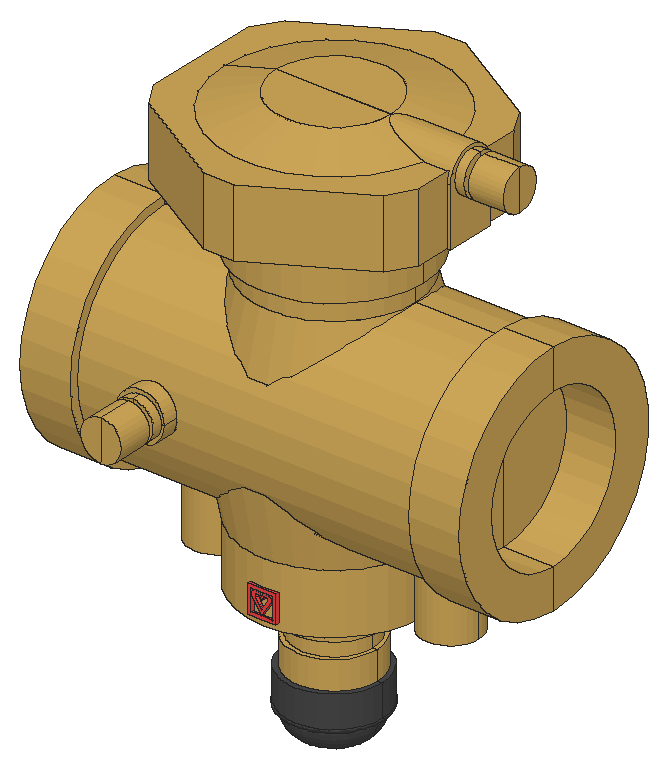
Revit family "Pressure independent control valve 4206_R", category Rohrzubehör, Revit 2018
Family settings
  Bemaßung runder Anschluss = Durchmesser verwenden
  Teiletyp = Unterbricht
  OmniClass-Nummer = 23.65.55.14
  OmniClass-Titel = Valves for Liquid Services
  Arbeitsebenenbasiert = Nein
  Immer vertikal = Ja
  Beim Laden mit Abzugskörper schneiden = Nein
  Gemeinsam genutzt = Nein
Parameters
  min. Operating temperature (antifreeze) = -20 °C  # constant formula
  max. Operating temperature till DN32 = 130 °C  # constant formula
  max. Operating temperature from DN40 = 110 °C  # constant formula
  max. Operating pressure = 2500000.0 Pa  # constant formula
  URL = "www.herzvalves.com"
  Pin = "stainless steel 14301"  # constant formula
  SCRNSEQ = "ARM;ARM_TYP=\"DURR\";2"
  SCRNCODE = "05;04;02"  # constant formula
  S03 [instance] = H08 + (S02 / 2)  # 72.750 mm
  S02 [instance] = H09 + 4.700 mm  # 26.500 mm
  S01 [instance] = G01 * 2  # 75.200 mm
  R12 = 3.900 mm  # constant formula
  R11 = 6.500 mm  # constant formula
  R10 = 35.000 mm  # constant formula
  R09 = 18.250 mm  # constant formula
  R08 = 11.300 mm  # constant formula
  R07 [instance] = size_lookup("4206R_", "R7", 17.300 mm, Nennweite)  # 28.500 mm
  R06 [instance] = size_lookup("4206R_", "R6", 19.000 mm, Nennweite)  # 28.000 mm
  R05 = 15.000 mm  # constant formula
  R04 = 12.500 mm  # constant formula
  R02 [instance] = size_lookup("4206R_", "R2", 15.000 mm, Nennweite)  # 26.000 mm
  R01 [instance] = size_lookup("4206R_", "R1", 11.500 mm, Nennweite)  # 35.000 mm
  PN = 25  # constant formula
  O-Rings = "EPDM"  # constant formula
  Nennweite [instance] = 50.000 mm
  min. Operating temperature (pure water) = 2 °C  # constant formula
  Membrane housing = "brass CW602N"  # constant formula
  Membrane = "EPDM"  # constant formula
  Medium = "water purity in accordance with the OENorm H5195 and VDI2035 standards.\r\nehtylene and propylene glycol can be mixed to a ratio of 25 – 50 vol. [%]"
  L06 [instance] = L00 / 2  # 70.000 mm
  L05 = 11.000 mm  # constant formula
  L04 = 1.500 mm  # constant formula
  L03 = 3.200 mm  # constant formula
  L02 = 43.500 mm  # constant formula
  L01 [instance] = size_lookup("4206R_", "L1", 8.000 mm, Nennweite)  # 16.000 mm
  L00 [instance] = size_lookup("4206R_", "L", 66.000 mm, Nennweite)  # 140.000 mm
  Capillary pipe = "copper Cu-DHP (CW024A)"  # constant formula
  Stroke = 4.000 mm  # constant formula
  Hersteller = "Herz-Armaturen GmbH"  # constant formula
  H13 [instance] = H02 - H05 - H03 - H04 - 2.000 mm  # 52.200 mm
  H12 = 19.250 mm  # constant formula
  H11 [instance] = size_lookup("4206R_", "H11", 59.000 mm, Nennweite)  # 86.000 mm
  H10 [instance] = H08 + H09  # 81.300 mm
  H09 = 21.800 mm  # constant formula
  H08 [instance] = H01 + H06 + H07  # 59.500 mm
  H07 = 4.000 mm  # constant formula
  H06 [instance] = size_lookup("4206R_", "H6", 10.000 mm, Nennweite)  # 14.000 mm
  H05 = 9.000 mm  # constant formula
  H04 [instance] = size_lookup("4206R_", "H4", 9.600 mm, Nennweite)  # 8.500 mm
  H03 [instance] = size_lookup("4206R_", "H3", 13.000 mm, Nennweite)  # 5.700 mm
  H02 [instance] = size_lookup("4206R_", "H2", 55.300 mm, Nennweite)  # 77.400 mm
  H01 [instance] = size_lookup("4206R_", "H1", 18.500 mm, Nennweite)  # 41.500 mm
  Housing = "DZR brass CC770S"  # constant formula
  G03 [instance] = Nennweite / 2  # 25.000 mm
  G02 [instance] = size_lookup("4206R_", "G2", 13.900 mm, Nennweite)  # 13.900 mm
  G01 [instance] = size_lookup("4206R_", "G1", 13.200 mm, Nennweite)  # 37.600 mm
  Spring = "spring steel"  # constant formula
  DN50 [instance] = Nennweite = 50.000 mm  # yes
  DN40 [instance] = Nennweite = 40.000 mm  # no
  DN32 [instance] = Nennweite = 32.000 mm  # no
  DN25 [instance] = Nennweite = 25.000 mm  # no
  DN20 [instance] = Nennweite = 20.000 mm  # no
  DN15 [instance] = Nennweite = 15.000 mm  # no
  Bestellnummer [instance] = size_lookup("4206R_", "Artnr", 0, Nennweite)  # 1420646
  Protective cap = "plastic"  # constant formula
  Application = "the Pressure Independent Balancing Control Valve (PIBCV) is used in all heating and cooling systems with circulation pumps.\r\nthe valve automatically maintains flow to the required part of the system at the set rate by measuring and immediately adjusting to any variation in pressure.\r\nno additional measurements are necessary and the correct flow rate is achieved at all operating conditions.\r\nthe diaphragm responds to the pressure upstream and downstream of the regulating valve (via an internal impulse line).\r\nthe valve settings directly affect the volumetric flow through the valve.\r\nit is thus possible to set the maximum flow rate based on the flow chart when the valve is fitted.\r\nthis allows for the balancing of heating circuits, cooling water systems, ceiling cooling and heating panels, air heaters, etc. without any need to first assess the pressure variations in the system.\r\nthe valve‘s principal application is as a control valve for terminal units."
Reference planes
  plane 1 "Mitte (Vorne/hinten)": y = 0
  plane 2: z = 0
  plane 3 "Mitte (Links/rechts)": x = 0
Forms (mm)
  Revolve 1, solid, material "Messing, weicher Gelbton, geschweißt", detail levels fine
    sketch origin (0, 0, 0) x (1, 0, 0) y (0, 0, 1)
      loop
        line (-54, 0) -> (54, 0) -> (54, 25) -> (70, 25) -> (70, 37.6) -> (54, 37.6) -> (54, 35) -> (-54, 35) -> (-54, 37.6) -> (-70, 37.6) -> (-70, 25) -> (-54, 25) -> (-54, 0)
      axis (-70, 0) -> (70, 0)
    angle from 0 to 360
  Revolve 2, solid, material "Messing, weicher Gelbton, geschweißt", detail levels fine
    sketch origin (0, 0, 0) x (1, 0, 0) y (0, 0, 1)
      loop
        line (0, -77.4) -> (0, 41.5) -> (-26, 41.5) -> (-26, 35) -> (-35, 0) -> (-28, -35) -> (-28, -54.2) -> (-15, -54.2) -> (-15, -62.7) -> (-12.5, -62.7) -> (-12.5, -68.4) -> (-13.9, -68.4) -> (-13.9, -77.4) -> (0, -77.4)
      axis (0, 41.5) -> (0, -77.4)
    angle from 0 to 360
  Revolve 3, solid, material "Messing, weicher Gelbton, geschweißt", detail levels fine
    sketch origin (0, 0, 0) x (1, 0, 0) y (0, 0, 1)
      loop
        line (0, 41.5) -> (0, 59.5) -> (-11.3, 59.5) -> (-11.3, 55.5) -> (-28.5, 55.5) -> (-28.5, 41.5) -> (0, 41.5)
      axis (0, 59.5) -> (0, 41.5)
    angle from 0 to 360
  Extrusion 4, solid, material "Messing, weicher Gelbton, geschweißt", detail levels fine
    sketch origin (0, 0, 0) x (0, -1, 0) y (1, 0, 0)
      loop
        line (-46, -4.75) -> (-27.114, -37.462) -> (-18.886, -42.212) -> (18.886, -42.212) -> (27.114, -37.462) -> (46, -4.75) -> (46, 4.75) -> (27.114, 37.462) -> (18.886, 42.212) -> (-18.886, 42.212) -> (-27.114, 37.462) -> (-46, 4.75) -> (-46, -4.75)
    from 59.5 to 81.3
  Revolve 5, solid, material "Messing, weicher Gelbton, geschweißt", detail levels fine
    sketch origin (0, 0, 0) x (1, 0, 0) y (0, 0, 1)
      loop
        line (0, 81.3) -> (0, 86) -> (-18.25, 86) -> (-35, 81.3) -> (0, 81.3)
      axis (0, 86) -> (0, 81.3)
    angle from 0 to 360
  Extrusion 6, solid, material "Messing, weicher Gelbton, geschweißt", detail levels fine
    sketch origin (0, 0, 0) x (0, 1, 0) y (0, 0, 1)
      loop
        arc (7.85, 78.15) -> (0, 86) -> (-7.85, 78.15) r 7.85
        line (-7.85, 78.15) -> (-7.85, 59.5) -> (7.85, 59.5) -> (7.85, 78.15)
    from 0 to 43.5
  Revolve 7, solid, material "Messing, weicher Gelbton, geschweißt", detail levels fine
    sketch origin (0, 0, 0) x (1, 0, 0) y (0, 0, 1)
      loop
        line (43.5, 78.75) -> (59.2, 78.75) -> (59.2, 85.25) -> (48.2, 85.25) -> (48.2, 82.65) -> (46.7, 82.65) -> (46.7, 85.25) -> (43.5, 85.25) -> (43.5, 78.75)
      axis (43.5, 78.75) -> (59.2, 78.75)
    angle from 0 to 360
  Revolve 8, solid, material "Messing, weicher Gelbton, geschweißt", visible <- "DN15", detail levels fine
    sketch origin (0, 0, 0) x (1, 0, 0) y (0, 1, 0)
      loop
        line (-12.5, 24) -> (-20.2, 24) -> (-20.2, 0) -> (-21.5, 0) -> (-21.5, -27) -> (-12.5, -27) -> (-12.5, 24)
      axis (-12.5, 24) -> (-12.5, -27)
    angle from 0 to 360
  Revolve 9, solid, material "Messing, weicher Gelbton, geschweißt", visible <- "DN15", detail levels fine
    sketch origin (-12.5, 0, 0) x (0, 1, 0) y (0, 0, 1)
      loop
        line (24, 0) -> (39.7, 0) -> (39.7, 6.5) -> (28.7, 6.5) -> (28.7, 3.9) -> (27.2, 3.9) -> (27.2, 6.5) -> (24, 6.5) -> (24, 0)
      axis (24, 0) -> (39.7, 0)
    angle from 0 to 360
  Revolve 10, solid, material "Messing, weicher Gelbton, geschweißt", visible <- "DN15", detail levels fine
    sketch origin (0, 0, 0) x (1, 0, 0) y (0, 1, 0)
      loop
        line (12.5, 0) -> (12.5, -27) -> (21.6, -27) -> (21.6, 0) -> (12.5, 0)
      axis (12.5, 0) -> (12.5, -27)
    angle from 0 to 360
  Revolve 11, solid, material "Messing, weicher Gelbton, geschweißt", visible <- "DN20", detail levels fine
    sketch origin (-2, 0, 0) x (1, 0, 0) y (0, 1, 0)
      loop
        line (-12.5, 27) -> (-20.2, 27) -> (-20.2, 0) -> (-21.5, 0) -> (-21.5, -29) -> (-12.5, -29) -> (-12.5, 27)
      axis (-12.5, 27) -> (-12.5, -29)
    angle from 0 to 360
  Revolve 12, solid, material "Messing, weicher Gelbton, geschweißt", visible <- "DN20", detail levels fine
    sketch origin (2, 0, 0) x (1, 0, 0) y (0, 1, 0)
      loop
        line (12.5, 0) -> (12.5, -29) -> (21.6, -29) -> (21.6, 0) -> (12.5, 0)
      axis (12.5, 0) -> (12.5, -29)
    angle from 0 to 360
  Revolve 13, solid, material "Messing, weicher Gelbton, geschweißt", visible <- "DN20", detail levels fine
    sketch origin (-14.5, 3, 0) x (0, 1, 0) y (0, 0, 1)
      loop
        line (24, 0) -> (39.7, 0) -> (39.7, 6.5) -> (28.7, 6.5) -> (28.7, 3.9) -> (27.2, 3.9) -> (27.2, 6.5) -> (24, 6.5) -> (24, 0)
      axis (24, 0) -> (39.7, 0)
    angle from 0 to 360
  Revolve 14, solid, material "Messing, weicher Gelbton, geschweißt", visible <- "DN25", detail levels fine
    sketch origin (-2.1, 0, 0) x (1, 0, 0) y (0, 1, 0)
      loop
        line (-12.5, 27) -> (-20.2, 27) -> (-20.2, 0) -> (-21.5, 0) -> (-21.5, -29) -> (-12.5, -29) -> (-12.5, 27)
      axis (-12.5, 27) -> (-12.5, -29)
    angle from 0 to 360
  Revolve 15, solid, material "Messing, weicher Gelbton, geschweißt", visible <- "DN25", detail levels fine
    sketch origin (-14.6, 3, 0) x (0, 1, 0) y (0, 0, 1)
      loop
        line (24, 0) -> (39.7, 0) -> (39.7, 6.5) -> (28.7, 6.5) -> (28.7, 3.9) -> (27.2, 3.9) -> (27.2, 6.5) -> (24, 6.5) -> (24, 0)
      axis (24, 0) -> (39.7, 0)
    angle from 0 to 360
  Revolve 16, solid, material "Messing, weicher Gelbton, geschweißt", visible <- "DN25", detail levels fine
    sketch origin (2.1, 0, 0) x (1, 0, 0) y (0, 1, 0)
      loop
        line (12.5, 0) -> (12.5, -29) -> (21.6, -29) -> (21.6, 0) -> (12.5, 0)
      axis (12.5, 0) -> (12.5, -29)
    angle from 0 to 360
  Revolve 17, solid, material "Messing, weicher Gelbton, geschweißt", visible <- "DN32", detail levels fine
    sketch origin (0, 0, 0.637) x (1, 0, 0) y (0, 0, 1)
      loop
        line (-31.5, -0.637) -> (-40.5, -0.637) -> (-40.5, -43.437) -> (-31.5, -43.437) -> (-31.5, -0.637)
      axis (-31.5, -43.437) -> (-31.5, -0.637)
    angle from 0 to 360
  Revolve 18, solid, material "Messing, weicher Gelbton, geschweißt", visible <- "DN32", detail levels fine
    sketch origin (0, 0, 0.637) x (-1, 0, 0) y (0, 0, 1)
      loop
        line (-31.5, -0.637) -> (-40.5, -0.637) -> (-40.5, -43.437) -> (-31.5, -43.437) -> (-31.5, -0.637)
      axis (-31.5, -43.437) -> (-31.5, -0.637)
    angle from 0 to 360
  Revolve 19, solid, material "Messing, weicher Gelbton, geschweißt", visible <- "DN40", detail levels fine
    sketch origin (0, 0, 0) x (1, 0, 0) y (0, 0, 1)
      loop
        line (-37, 0) -> (-46, 0) -> (-46, -54.2) -> (-37, -54.2) -> (-37, 0)
      axis (-37, 0) -> (-37, -54.2)
    angle from 0 to 360
  Revolve 20, solid, material "Messing, weicher Gelbton, geschweißt", visible <- "DN40", detail levels fine
    sketch origin (0, 0, 0) x (-1, 0, 0) y (0, 0, 1)
      loop
        line (-37, 0) -> (-46, 0) -> (-46, -54.2) -> (-37, -54.2) -> (-37, 0)
      axis (-37, 0) -> (-37, -54.2)
    angle from 0 to 360
  Revolve 21, solid, material "Messing, weicher Gelbton, geschweißt", visible <- "DN50", detail levels fine
    sketch origin (-0.1, 0, 0) x (1, 0, 0) y (0, 0, 1)
      loop
        line (-37, 0) -> (-46, 0) -> (-46, -54.2) -> (-37, -54.2) -> (-37, 0)
      axis (-37, 0) -> (-37, -54.2)
    angle from 0 to 360
  Revolve 22, solid, material "Messing, weicher Gelbton, geschweißt", visible <- "DN50", detail levels fine
    sketch origin (0.1, 0, 0) x (-1, 0, 0) y (0, 0, 1)
      loop
        line (-37, 0) -> (-46, 0) -> (-46, -54.2) -> (-37, -54.2) -> (-37, 0)
      axis (-37, 0) -> (-37, -54.2)
    angle from 0 to 360
  Revolve 23, solid, material "Messing, weicher Gelbton, geschweißt", visible <- "DN32", detail levels fine
    sketch origin (-9.5, 0, 0) x (1, 0, 0) y (0, 1, 0)
      loop
        line (-12.5, -31) -> (-12.5, 0) -> (-20.2, 0) -> (-20.2, -31) -> (-12.5, -31)
      axis (-12.5, 0) -> (-12.5, -31)
    angle from 0 to 360
  Revolve 24, solid, material "Messing, weicher Gelbton, geschweißt", visible <- "DN32", detail levels fine
    sketch origin (-22, -7, 0) x (0, -1, 0) y (0, 0, -1)
      loop
        line (24, 0) -> (24, -6.5) -> (27.2, -6.5) -> (27.2, -3.9) -> (28.7, -3.9) -> (28.7, -6.5) -> (39.7, -6.5) -> (39.7, 0) -> (24, 0)
      axis (24, 0) -> (39.7, 0)
    angle from 0 to 360
  Revolve 25, solid, material "Messing, weicher Gelbton, geschweißt", visible <- "DN40", detail levels fine
    sketch origin (-17.5, 0, 0) x (1, 0, 0) y (0, 1, 0)
      loop
        line (-12.5, -39.5) -> (-12.5, 0) -> (-20.2, 0) -> (-20.2, -39.5) -> (-12.5, -39.5)
      axis (-12.5, 0) -> (-12.5, -39.5)
    angle from 0 to 360
  Revolve 26, solid, material "Messing, weicher Gelbton, geschweißt", visible <- "DN40", detail levels fine
    sketch origin (-30, -15.5, 0) x (0, -1, 0) y (0, 0, -1)
      loop
        line (24, 0) -> (24, -6.5) -> (27.2, -6.5) -> (27.2, -3.9) -> (28.7, -3.9) -> (28.7, -6.5) -> (39.7, -6.5) -> (39.7, 0) -> (24, 0)
      axis (24, 0) -> (39.7, 0)
    angle from 0 to 360
  Revolve 27, solid, material "Messing, weicher Gelbton, geschweißt", visible <- "DN50", detail levels fine
    sketch origin (-17.6, 0, 0) x (1, 0, 0) y (0, 1, 0)
      loop
        line (-12.5, -39.5) -> (-12.5, 0) -> (-20.2, 0) -> (-20.2, -39.5) -> (-12.5, -39.5)
      axis (-12.5, 0) -> (-12.5, -39.5)
    angle from 0 to 360
  Revolve 28, solid, material "Messing, weicher Gelbton, geschweißt", visible <- "DN50", detail levels fine
    sketch origin (-30.1, -15.5, 0) x (0, -1, 0) y (0, 0, -1)
      loop
        line (24, 0) -> (24, -6.5) -> (27.2, -6.5) -> (27.2, -3.9) -> (28.7, -3.9) -> (28.7, -6.5) -> (39.7, -6.5) -> (39.7, 0) -> (24, 0)
      axis (24, 0) -> (39.7, 0)
    angle from 0 to 360
Lines and regions (mm)
  model lines, detail levels coarse+medium
    curve 1: line (-70, 0, 37.6) -> (-70, 0, -37.6)
    curve 2: line (-70, 0, -37.6) -> (70, 0, 37.6)
    curve 3: line (70, 0, 37.6) -> (70, 0, -37.6)
    curve 4: line (70, 0, -37.6) -> (-70, 0, 37.6)
    curve 5: line (0, 0, 41.5) -> (0, 0, 59.5)
    curve 6: spline (-43.5, 0, 72.75) -> (-42.018, 0, 76.179) -> (-37.672, 0, 79.375) -> (-30.759, 0, 82.119) -> (-21.75, 0, 84.225) -> (-11.259, 0, 85.549) -> (0, 0, 86) -> (11.259, 0, 85.549) -> (21.75, 0, 84.225) -> (30.759, 0, 82.119) -> (37.672, 0, 79.375) -> (42.018, 0, 76.179) -> (43.5, 0, 72.75) -> (42.018, 0, 69.321) -> (37.672, 0, 66.125) -> (30.759, 0, 63.381) -> (21.75, 0, 61.275) -> (11.259, 0, 59.951) -> (0, 0, 59.5) -> (-11.259, 0, 59.951) -> (-21.75, 0, 61.275) -> (-30.759, 0, 63.381) -> (-37.672, 0, 66.125) -> (-42.018, 0, 69.321) -> (-43.5, 0, 72.75)
    curve 7: line (-70, 37.6, 0) -> (-70, -37.6, 0)
    curve 8: line (-70, -37.6, 0) -> (70, 37.6, 0)
    curve 9: line (70, 37.6, 0) -> (70, -37.6, 0)
    curve 10: line (70, -37.6, 0) -> (-70, 37.6, 0)
    curve 11: line (0, -41.5, 0) -> (0, -59.5, 0)
    curve 12: spline (-43.5, -72.75, 0) -> (-42.018, -69.321, 0) -> (-37.672, -66.125, 0) -> (-30.759, -63.381, 0) -> (-21.75, -61.275, 0) -> (-11.259, -59.951, 0) -> (0, -59.5, 0) -> (11.259, -59.951, 0) -> (21.75, -61.275, 0) -> (30.759, -63.381, 0) -> (37.672, -66.125, 0) -> (42.018, -69.321, 0) -> (43.5, -72.75, 0) -> (42.018, -76.179, 0) -> (37.672, -79.375, 0) -> (30.759, -82.119, 0) -> (21.75, -84.225, 0) -> (11.259, -85.549, 0) -> (0, -86, 0) -> (-11.259, -85.549, 0) -> (-21.75, -84.225, 0) -> (-30.759, -82.119, 0) -> (-37.672, -79.375, 0) -> (-42.018, -76.179, 0) -> (-43.5, -72.75, 0)
    curve 13: line (0, 0, 41.5) -> (-35, 0, 18.8)
    curve 14: line (0, 0, 41.5) -> (35, 0, 18.8)
    curve 15: line (0, -41.5, 0) -> (-35, -18.8, 0)
    curve 16: line (0, -41.5, 0) -> (35, -18.8, 0)
Dimensions and locks
  equal spacing: Revolve 1 sketch curve, plane 3 "Mitte (Links/rechts)", Revolve 1 sketch curve
  "L00": Revolve 1 sketch curve to Revolve 1 sketch curve
  "G01": Revolve 1 sketch curve to Revolve 1 sketch curve  (x2)
  "R01": Revolve 1 sketch curve to Revolve 1 sketch curve
  "L01": Revolve 1 sketch curve to Revolve 1 sketch curve  (x4)
  "H01": Revolve 2 sketch curve to plane 2
  "R01": Revolve 2 sketch curve to plane 2
  "R02": Revolve 2 sketch curve to Revolve 2 sketch curve
  "R01": Revolve 2 sketch curve to Revolve 2 sketch curve
  "H02": plane 2 to Revolve 2 sketch curve
  "G02": plane 3 "Mitte (Links/rechts)" to Revolve 2 sketch curve
  "H05": Revolve 2 sketch curve to Revolve 2 sketch curve
  "R04": Revolve 2 sketch curve to Revolve 2 sketch curve
  "R05": Revolve 2 sketch curve to Revolve 2 sketch curve
  "R06": Revolve 2 sketch curve to Revolve 2 sketch curve
  "R01": plane 2 to Revolve 2 sketch curve
  "H03": Revolve 2 sketch curve to Revolve 2 sketch curve
  "H04": Revolve 2 sketch curve to Revolve 2 sketch curve
  "H01": Revolve 3 sketch curve to plane 2
  "H06": Revolve 3 sketch curve to Revolve 3 sketch curve
  "R07": Revolve 3 sketch curve to Revolve 3 sketch curve
  "H07": Revolve 3 sketch curve to Revolve 3 sketch curve
  "R08": Revolve 3 sketch curve to Revolve 3 sketch curve
  "H08": Extrusion 4 to plane 2
  "H09": Extrusion 4 to Extrusion 4
  "H10": Revolve 5 sketch curve to plane 2
  "H11": Revolve 5 sketch curve to plane 2
  "R09": Revolve 5 sketch curve to Revolve 5 sketch curve
  "R10": Revolve 5 sketch curve to Revolve 5 sketch curve
  "L02": Extrusion 6 to plane 3 "Mitte (Links/rechts)"
  "H08": Extrusion 6 to plane 2
  "H12": Revolve 7 sketch curve to Extrusion 4
  "R11": Revolve 7 sketch curve to Revolve 7 sketch curve  (x2)
  "L03": Revolve 7 sketch curve to Revolve 7 sketch curve
  "L04": Revolve 7 sketch curve to Revolve 7 sketch curve
  "L05": Revolve 7 sketch curve to Revolve 7 sketch curve
  "R12": Revolve 7 sketch curve to Revolve 7 sketch curve
  "R11": Revolve 9 sketch curve to Revolve 9 sketch curve  (x2)
  "L03": Revolve 9 sketch curve to Revolve 9 sketch curve
  "L04": Revolve 9 sketch curve to Revolve 9 sketch curve
  "L05": Revolve 9 sketch curve to Revolve 9 sketch curve
  "R12": Revolve 9 sketch curve to Revolve 9 sketch curve
  "R06": plane 1 "Mitte (Vorne/hinten)" to nested 1
  Revolve 11 sketch curve to plane 1 "Mitte (Vorne/hinten)" = 29.000 mm
  plane 1 "Mitte (Vorne/hinten)" to Revolve 11 sketch curve = 27.000 mm
  Revolve 12 sketch curve to plane 1 "Mitte (Vorne/hinten)" = 29.000 mm
  "R11": Revolve 13 sketch curve to Revolve 13 sketch curve  (x2)
  "L03": Revolve 13 sketch curve to Revolve 13 sketch curve
  "L04": Revolve 13 sketch curve to Revolve 13 sketch curve
  "L05": Revolve 13 sketch curve to Revolve 13 sketch curve
  "R12": Revolve 13 sketch curve to Revolve 13 sketch curve
  "H13": plane 2 to nested 1
  "R11": Revolve 15 sketch curve to Revolve 15 sketch curve  (x2)
  "L03": Revolve 15 sketch curve to Revolve 15 sketch curve
  "L04": Revolve 15 sketch curve to Revolve 15 sketch curve
  "L05": Revolve 15 sketch curve to Revolve 15 sketch curve
  "R12": Revolve 15 sketch curve to Revolve 15 sketch curve
  plane 3 "Mitte (Links/rechts)" to Revolve 17 sketch curve = 31.500 mm
  Revolve 17 sketch curve to Revolve 17 sketch curve = 9.000 mm
  plane 2 to Revolve 17 sketch curve = 42.800 mm
  Revolve 18 sketch curve to Revolve 18 sketch curve = 9.000 mm
  "H02": plane 2 to nested 2
  "G03": Revolve 1 sketch curve to plane 2  (x2)
  "S01": curve 4 to curve 2
  equal spacing: curve 4, plane 2, curve 2
  equal spacing: curve 3, plane 2, curve 4
  "S01": curve 3 to curve 4
  equal spacing: curve 1, plane 3 "Mitte (Links/rechts)", curve 3
  "L00": curve 1 to curve 3
  "H08": curve 5 to plane 2
  "S02": curve 6 to curve 6
  "L02": curve 6 to plane 3 "Mitte (Links/rechts)" to curve 6
  "S03": curve 6 to plane 2
  equal spacing: curve 7, plane 3 "Mitte (Links/rechts)", curve 9
  "L00": curve 7 to curve 9
  equal spacing: curve 8, plane 1 "Mitte (Vorne/hinten)", curve 10
  "S01": curve 10 to curve 8
  equal spacing: curve 10, plane 1 "Mitte (Vorne/hinten)", curve 9
  "S01": curve 9 to curve 10
  "H08": curve 11 to plane 1 "Mitte (Vorne/hinten)"
  "S02": curve 12 to curve 12
  "L02": curve 12 to plane 3 "Mitte (Links/rechts)" to curve 12
  "S03": curve 12 to plane 1 "Mitte (Vorne/hinten)"
  equal spacing: plane 3 "Mitte (Links/rechts)", curve 13, curve 4
  equal spacing: curve 3, curve 14, plane 3 "Mitte (Links/rechts)"
  "H01": curve 14 to plane 2
  equal spacing: plane 3 "Mitte (Links/rechts)", curve 15, curve 8
  equal spacing: curve 10, curve 16, plane 3 "Mitte (Links/rechts)"
  "H01": curve 16 to plane 1 "Mitte (Vorne/hinten)"
  "R11": Revolve 24 sketch curve to Revolve 24 sketch curve  (x2)
  "L03": Revolve 24 sketch curve to Revolve 24 sketch curve
  "L04": Revolve 24 sketch curve to Revolve 24 sketch curve
  "L05": Revolve 24 sketch curve to Revolve 24 sketch curve
  "R12": Revolve 24 sketch curve to Revolve 24 sketch curve
  Revolve 23 sketch curve to Revolve 23 sketch curve = 31.000 mm
  "R11": Revolve 26 sketch curve to Revolve 26 sketch curve  (x2)
  "L03": Revolve 26 sketch curve to Revolve 26 sketch curve
  "L04": Revolve 26 sketch curve to Revolve 26 sketch curve
  "L05": Revolve 26 sketch curve to Revolve 26 sketch curve
  "R12": Revolve 26 sketch curve to Revolve 26 sketch curve
  Revolve 25 sketch curve to Revolve 25 sketch curve = 39.500 mm
  "R11": Revolve 28 sketch curve to Revolve 28 sketch curve  (x2)
  "L03": Revolve 28 sketch curve to Revolve 28 sketch curve
  "L04": Revolve 28 sketch curve to Revolve 28 sketch curve
  "L05": Revolve 28 sketch curve to Revolve 28 sketch curve
  "R12": Revolve 28 sketch curve to Revolve 28 sketch curve
  Revolve 27 sketch curve to Revolve 27 sketch curve = 39.500 mm
  aligned and locked: level to plane 2
Automatic sketch dimensions
  plane 3 "Mitte (Links/rechts)" to Extrusion 4 sketch curve = 4.750 mm  (x2)
  Extrusion 4 sketch curve to plane 1 "Mitte (Vorne/hinten)" = 46.000 mm
  Extrusion 4 sketch curve to plane 1 "Mitte (Vorne/hinten)" = 27.114 mm  (x2)
  Extrusion 4 sketch curve to Extrusion 4 sketch curve = 8.227 mm  (x4)
  plane 1 "Mitte (Vorne/hinten)" to Extrusion 4 sketch curve = 18.886 mm  (x2)
  Extrusion 4 sketch curve to Extrusion 4 sketch curve = 18.886 mm
  Extrusion 4 sketch curve to plane 3 "Mitte (Links/rechts)" = 4.750 mm  (x2)
  Extrusion 4 sketch curve to plane 3 "Mitte (Links/rechts)" = 37.462 mm  (x2)
  Extrusion 4 sketch curve to Extrusion 4 sketch curve = 4.750 mm  (x2)
  plane 3 "Mitte (Links/rechts)" to Extrusion 4 sketch curve = 37.462 mm  (x2)
  Extrusion 6 sketch curve to plane 1 "Mitte (Vorne/hinten)" = 0.000 mm
  plane 1 "Mitte (Vorne/hinten)" to Extrusion 6 sketch curve = 7.850 mm
  level to Extrusion 6 sketch curve = 59.500 mm
  Extrusion 6 sketch curve to Extrusion 6 sketch curve = 18.650 mm
  Extrusion 6 sketch curve to Extrusion 6 sketch curve = 0.000 mm
  plane 1 "Mitte (Vorne/hinten)" to Revolve 8 sketch curve = 0.000 mm
  Revolve 8 sketch curve to plane 3 "Mitte (Links/rechts)" = 21.500 mm
  Revolve 8 sketch curve to plane 3 "Mitte (Links/rechts)" = 20.200 mm
  Revolve 8 sketch curve to Revolve 8 sketch curve = 7.700 mm
  plane 1 "Mitte (Vorne/hinten)" to Revolve 8 sketch curve = 27.000 mm
  Revolve 8 sketch curve to plane 1 "Mitte (Vorne/hinten)" = 24.000 mm
  Revolve 8 sketch curve to Revolve 8 sketch curve = 0.000 mm  (x3)
  plane 1 "Mitte (Vorne/hinten)" to Revolve 10 sketch curve = 0.000 mm  (x2)
  plane 3 "Mitte (Links/rechts)" to Revolve 10 sketch curve = 12.500 mm
  Revolve 10 sketch curve to Revolve 10 sketch curve = 9.100 mm
  plane 1 "Mitte (Vorne/hinten)" to Revolve 10 sketch curve = 27.000 mm
  Revolve 10 sketch curve to Revolve 10 sketch curve = 0.000 mm  (x2)
  plane 1 "Mitte (Vorne/hinten)" to Revolve 11 sketch curve = 0.000 mm
  Revolve 11 sketch curve to plane 3 "Mitte (Links/rechts)" = 23.500 mm
  Revolve 11 sketch curve to plane 3 "Mitte (Links/rechts)" = 22.200 mm
  Revolve 11 sketch curve to Revolve 11 sketch curve = 7.700 mm
  Revolve 11 sketch curve to Revolve 11 sketch curve = 0.000 mm
  Revolve 11 sketch curve to Revolve 11 sketch curve = 2.000 mm
  Revolve 11 sketch curve to Revolve 11 sketch curve = 3.000 mm
  plane 1 "Mitte (Vorne/hinten)" to Revolve 12 sketch curve = 0.000 mm  (x2)
  plane 3 "Mitte (Links/rechts)" to Revolve 12 sketch curve = 14.500 mm
  Revolve 12 sketch curve to Revolve 12 sketch curve = 9.100 mm
  Revolve 12 sketch curve to Revolve 12 sketch curve = 0.000 mm
  Revolve 12 sketch curve to Revolve 12 sketch curve = 2.000 mm
  plane 1 "Mitte (Vorne/hinten)" to Revolve 14 sketch curve = 0.000 mm
  Revolve 14 sketch curve to plane 3 "Mitte (Links/rechts)" = 23.600 mm
  Revolve 14 sketch curve to plane 3 "Mitte (Links/rechts)" = 22.300 mm
  Revolve 14 sketch curve to Revolve 14 sketch curve = 7.700 mm
  plane 1 "Mitte (Vorne/hinten)" to Revolve 14 sketch curve = 29.000 mm
  Revolve 14 sketch curve to Revolve 14 sketch curve = 27.000 mm
  Revolve 14 sketch curve to Revolve 14 sketch curve = 0.000 mm
  Revolve 14 sketch curve to Revolve 14 sketch curve = 2.000 mm
  Revolve 14 sketch curve to Revolve 14 sketch curve = 3.000 mm
  plane 1 "Mitte (Vorne/hinten)" to Revolve 16 sketch curve = 0.000 mm  (x2)
  plane 3 "Mitte (Links/rechts)" to Revolve 16 sketch curve = 14.600 mm
  Revolve 16 sketch curve to Revolve 16 sketch curve = 9.100 mm
  Revolve 16 sketch curve to Revolve 16 sketch curve = 29.000 mm
  Revolve 16 sketch curve to Revolve 16 sketch curve = 0.000 mm
  Revolve 16 sketch curve to Revolve 16 sketch curve = 2.000 mm
  Revolve 17 sketch curve to level = 0.000 mm
  Revolve 17 sketch curve to Revolve 17 sketch curve = 0.000 mm
  Revolve 17 sketch curve to Revolve 17 sketch curve = 4.238 mm
  level to Revolve 17 sketch curve = 0.637 mm
  Revolve 18 sketch curve to level = 0.000 mm
  Revolve 18 sketch curve to plane 3 "Mitte (Links/rechts)" = 40.500 mm
  level to Revolve 18 sketch curve = 42.800 mm
  Revolve 18 sketch curve to Revolve 18 sketch curve = 0.000 mm
  Revolve 18 sketch curve to Revolve 18 sketch curve = 4.238 mm
  Revolve 18 sketch curve to level = 0.637 mm
  Revolve 19 sketch curve to level = 0.000 mm  (x2)
  Revolve 19 sketch curve to plane 3 "Mitte (Links/rechts)" = 46.000 mm
  Revolve 19 sketch curve to Revolve 19 sketch curve = 9.000 mm
  Revolve 19 sketch curve to level = 54.200 mm
  Revolve 19 sketch curve to Revolve 19 sketch curve = 0.000 mm  (x2)
  Revolve 20 sketch curve to level = 0.000 mm  (x2)
  Revolve 20 sketch curve to plane 3 "Mitte (Links/rechts)" = 46.000 mm
  Revolve 20 sketch curve to Revolve 20 sketch curve = 9.000 mm
  level to Revolve 20 sketch curve = 54.200 mm
  Revolve 20 sketch curve to Revolve 20 sketch curve = 0.000 mm  (x2)
  Revolve 21 sketch curve to level = 0.000 mm  (x2)
  Revolve 21 sketch curve to plane 3 "Mitte (Links/rechts)" = 46.100 mm
  Revolve 21 sketch curve to Revolve 21 sketch curve = 9.000 mm
  Revolve 21 sketch curve to Revolve 21 sketch curve = 54.200 mm
  Revolve 21 sketch curve to Revolve 21 sketch curve = 0.000 mm  (x2)
  Revolve 22 sketch curve to level = 0.000 mm  (x2)
  Revolve 22 sketch curve to plane 3 "Mitte (Links/rechts)" = 46.100 mm
  Revolve 22 sketch curve to Revolve 22 sketch curve = 9.000 mm
  Revolve 22 sketch curve to Revolve 22 sketch curve = 54.200 mm
  Revolve 22 sketch curve to Revolve 22 sketch curve = 0.000 mm  (x2)
  plane 1 "Mitte (Vorne/hinten)" to Revolve 23 sketch curve = 0.000 mm  (x2)
  Revolve 23 sketch curve to plane 3 "Mitte (Links/rechts)" = 29.700 mm
  Revolve 23 sketch curve to Revolve 23 sketch curve = 7.700 mm
  Revolve 23 sketch curve to Revolve 23 sketch curve = 0.000 mm
  Revolve 23 sketch curve to Revolve 23 sketch curve = 7.000 mm
  plane 1 "Mitte (Vorne/hinten)" to Revolve 25 sketch curve = 0.000 mm  (x2)
  Revolve 25 sketch curve to plane 3 "Mitte (Links/rechts)" = 37.700 mm
  Revolve 25 sketch curve to Revolve 25 sketch curve = 7.700 mm
  Revolve 25 sketch curve to Revolve 25 sketch curve = 0.000 mm
  Revolve 25 sketch curve to Revolve 25 sketch curve = 15.500 mm
  plane 1 "Mitte (Vorne/hinten)" to Revolve 27 sketch curve = 0.000 mm  (x2)
  Revolve 27 sketch curve to plane 3 "Mitte (Links/rechts)" = 37.800 mm
  Revolve 27 sketch curve to Revolve 27 sketch curve = 7.700 mm
  Revolve 27 sketch curve to Revolve 27 sketch curve = 0.000 mm
  Revolve 27 sketch curve to Revolve 27 sketch curve = 15.500 mm
  curve 13 to plane 3 "Mitte (Links/rechts)" = 0.000 mm
  curve 15 to plane 3 "Mitte (Links/rechts)" = 0.000 mm
  Revolve 1 sketch curve to level = 0.000 mm  (x2)
  Revolve 1 sketch curve to Revolve 1 sketch curve = 1473.530 mm
  Revolve 1 sketch curve to Revolve 1 sketch curve = 1806.148 mm
  Revolve 2 sketch curve to level = 0.000 mm
  Revolve 2 sketch curve to plane 3 "Mitte (Links/rechts)" = 0.000 mm
  plane 3 "Mitte (Links/rechts)" to Revolve 2 sketch curve = 0.000 mm
  Revolve 2 sketch curve to Revolve 2 sketch curve = 310.745 mm
  Revolve 2 sketch curve to Revolve 2 sketch curve = 2195.815 mm
  Revolve 3 sketch curve to plane 3 "Mitte (Links/rechts)" = 0.000 mm  (x2)
  Revolve 3 sketch curve to level = 366.045 mm
  Revolve 3 sketch curve to Revolve 3 sketch curve = 2178.815 mm
  Revolve 5 sketch curve to plane 3 "Mitte (Links/rechts)" = 0.000 mm  (x2)
  Revolve 5 sketch curve to level = 366.045 mm
  Revolve 5 sketch curve to Revolve 5 sketch curve = 2155.315 mm
  plane 3 "Mitte (Links/rechts)" to Revolve 7 sketch curve = 43.500 mm
  Revolve 7 sketch curve to Revolve 7 sketch curve = 0.000 mm  (x3)
  Revolve 9 sketch curve to level = 0.000 mm  (x2)
  Revolve 9 sketch curve to plane 1 "Mitte (Vorne/hinten)" = 24.000 mm
  Revolve 9 sketch curve to Revolve 9 sketch curve = 0.000 mm  (x2)
  Revolve 13 sketch curve to level = 0.000 mm  (x2)
  Revolve 13 sketch curve to plane 1 "Mitte (Vorne/hinten)" = 27.000 mm
  Revolve 13 sketch curve to Revolve 13 sketch curve = 0.000 mm  (x2)
  Revolve 15 sketch curve to level = 0.000 mm  (x2)
  Revolve 15 sketch curve to plane 1 "Mitte (Vorne/hinten)" = 27.000 mm
  Revolve 15 sketch curve to Revolve 15 sketch curve = 0.000 mm  (x2)
  Revolve 24 sketch curve to level = 0.000 mm  (x2)
  plane 1 "Mitte (Vorne/hinten)" to Revolve 24 sketch curve = 31.000 mm
  Revolve 24 sketch curve to Revolve 24 sketch curve = 0.000 mm  (x2)
  Revolve 26 sketch curve to level = 0.000 mm  (x2)
  plane 1 "Mitte (Vorne/hinten)" to Revolve 26 sketch curve = 39.500 mm
  Revolve 26 sketch curve to Revolve 26 sketch curve = 0.000 mm  (x2)
  Revolve 28 sketch curve to level = 0.000 mm  (x2)
  plane 1 "Mitte (Vorne/hinten)" to Revolve 28 sketch curve = 39.500 mm
  Revolve 28 sketch curve to Revolve 28 sketch curve = 0.000 mm  (x2)
Nested families
  nested 1: "Herz-Logo-vorne" at (-0.018, -28, -47.7) x (0, 1, 0) z (0, 0, 1), type "Herz-Logo-vorne", detail levels fine
  nested 2: "Bauschutzkappe für Kombiventil" at (0, 0, -77.4), type "Bauschutzkappe für Kombiventil", detail levels fine
Connectors
  piping at (-54, 0, 0), diameter 50, driven by "Nennweite"
    settings: on Revolve 1, index 1, connector inside diameter 609.6 mm, connector length 0.000 mm, flow factor 0, pipe flow 0.0 L/s, pressure drop 0.0 Pa, fitting loss kfactor 0, connector angle 0.00°, fixture units 0, engagement length 0.000 mm, angle of deflection 0.00°, flow configuration 0, flow direction 2, fitting loss method 0, system type 29, joint type 0, gender type 0, connector reference index -1, connector utility 0, adjustable connector no, is connector primary yes, connector description ""
  piping at (54, 0, 0), diameter 50, driven by "Nennweite"
    settings: on Revolve 1, index 2, connector inside diameter 609.6 mm, connector length 0.000 mm, flow factor 0, pipe flow 0.0 L/s, pressure drop 0.0 Pa, fitting loss kfactor 0, connector angle 0.00°, fixture units 0, engagement length 0.000 mm, angle of deflection 0.00°, flow configuration 0, flow direction 1, fitting loss method 0, system type 29, joint type 0, gender type 0, connector reference index -1, connector utility 0, adjustable connector no, is connector primary no, connector description ""
Definition of nested family "Herz-Logo-vorne"
  Reference planes
    plane 1 "Mitte (Vorne/hinten)": y = 0
    plane 2: z = 0
    plane 3 "Mitte (Links/rechts)": x = 0
  Forms (mm)
    Extrusion 1, solid
      sketch origin (0.732, -0.018, 0.017) x (0, -1, 0) y (0, 0, 1)
        loop
          line (-0.018, -4.517) -> (4.482, -4.517) -> (4.482, 4.483) -> (-4.518, 4.483) -> (-4.518, -4.517) -> (-0.018, -4.517)
        loop
          line (-0.05, -3.48) -> (3.482, -3.48) -> (3.482, 3.483) -> (-3.518, 3.483) -> (-3.518, -3.48) -> (-0.05, -3.48)
        loop
          arc (-0.018, 2.383) -> (-1.543, 3.287) -> (-3.067, 2.383) r 1.738
          arc (-3.067, 2.383) -> (-3.191, 1.899) -> (-3.067, 1.415) r 1.009
          line (-3.067, 1.415) -> (-0.018, -3.281) -> (3.032, 1.415)
          arc (3.032, 1.415) -> (3.156, 1.899) -> (3.032, 2.383) r 1.009
          arc (3.032, 2.383) -> (1.507, 3.287) -> (-0.018, 2.383) r 1.738
        loop
          arc (1.885, 1.272) -> (2.005, 1.675) -> (1.885, 2.079) r 0.74
          arc (1.885, 2.079) -> (1.265, 2.416) -> (0.644, 2.079) r 0.74
          line (0.644, 2.079) -> (-0.018, 0.97) -> (-0.679, 2.079)
          arc (-0.679, 2.079) -> (-1.3, 2.416) -> (-1.921, 2.079) r 0.74
          arc (-1.921, 2.079) -> (-2.04, 1.675) -> (-1.921, 1.272) r 0.74
          line (-1.921, 1.272) -> (-0.018, -1.658) -> (1.885, 1.272)
      from 0 to 1.5
  Dimensions and locks
    aligned and locked: level to plane 2
Definition of nested family "Bauschutzkappe für Kombiventil"
  Reference planes
    plane 1 "Mitte (Vorne/hinten)": y = 0
    plane 2: z = 0
    plane 3 "Mitte (Links/rechts)": x = 0
  Forms (mm)
    Revolve 1, solid
      sketch origin (0, 0, 0) x (1, 0, 0) y (0, 0, 1)
        loop
          line (0, 0) -> (-15.5, 0) -> (-15.5, -10.067)
          arc (-15.5, -10.067) -> (-15.733, -10.629) -> (-15.25, -11) r 0.5
          line (-15.25, -11) -> (-14.093, -11)
          arc (-14.093, -11) -> (-11.457, -17.364) -> (-5.093, -20) r 9
          line (-5.093, -20) -> (0, -20) -> (0, 0)
        axis (0, 0) -> (0, -20)
      angle from 0 to 360
  Dimensions and locks
    aligned and locked: level to plane 2
